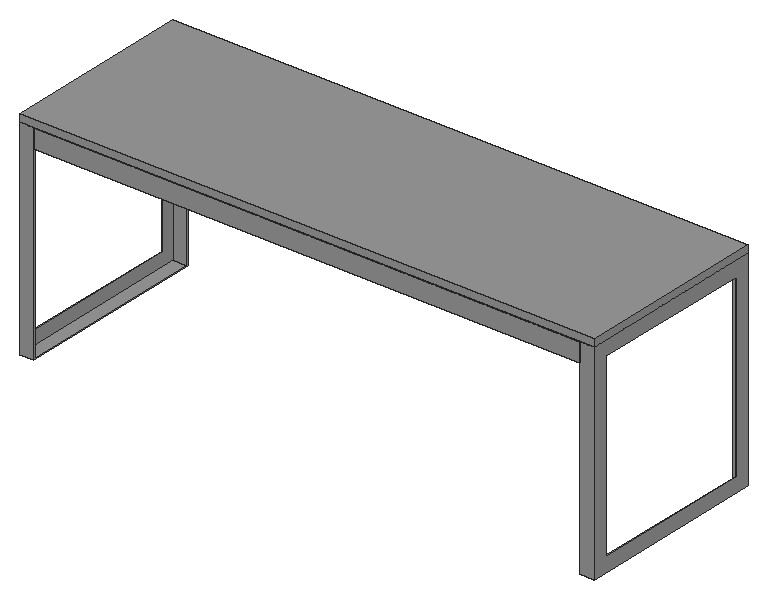
Revit family "Банкетка для раздевалок «Паскаль» Арт 20783", category Антураж, Revit 2018
Family settings
  На основе рабочей плоскости = Нет
  Всегда вертикально = Да
  При загрузке вырезать с полостями = Нет
  Источник визуального образа = Геометрия семейства
  Общий = Нет
  Точка расчета площади = Нет
Parameters (values of type "Версия 1,2 м")
  Ширина = 400 mm  # constant formula
  Цвет сидения = HPL панели
  Цвет каркаса = Сталь
  Описание = if([Версия 1,2 м], "Банкетка для раздевалок «Паскаль». Версия 1,2 м", "Банкетка для раздевалок «Паскаль». Версия 1,5 м")  # "Банкетка для раздевалок «Паскаль». Версия 1,2 м"
  Материал изделия = "Сталь, HPL панели"  # constant formula
  Изображение типоразмера = Банкетка для раздевалок «Паскаль» Арт 20783.jpg
  Изготовитель = "ООО «Хоббика»"  # constant formula
  Длина = if([Версия 1,2 м], 1200 mm, 1500 mm)  # 1200 mm
  Группа модели = "Скамейки для раздевалок"  # constant formula
  Высота = 450 mm  # constant formula
  Версия 1,5 м = not([Версия 1,2 м])  # no
  Версия 1,2 м = yes
  Артикул товара = "Арт. 20783"  # constant formula
  URL = "https://hobbyka.ru/product/banketka_dlya_razdevalok_paskal/"
Types (3, lengths in mm): name | Описание | Длина | Версия 1,5 м | Версия 1,2 м
  (no name) | "Банкетка для раздевалок «Паскаль». Версия 1,2 м" | 1200 | no | yes
  Версия 1,5 м | "Банкетка для раздевалок «Паскаль». Версия 1,5 м" | 1500 | yes | no
  Версия 1,2 м | "Банкетка для раздевалок «Паскаль». Версия 1,2 м" | 1200 | no | yes
Reference planes
  plane 1 "По центру (Вперед/Назад)": y = 0
  plane 2: z = 0
  plane 3 "По центру (Влево/Вправо)": x = 0
  plane 4 "123": x = 1200
  plane 5: y = 400
  plane 6: z = 450
  plane 7: x = 30
  plane 8: x = 1170
  plane 9: x = 1198
Forms (mm)
  Extrusion 1, solid, material "HPL панели" <- "Цвет сидения"
    sketch origin (0, 0, 0) x (0, 1, 0) y (0, 0, 1)
      loop
        line (400, 450) -> (0, 450) -> (0, 435) -> (400, 435) -> (400, 450)
    from 0 to 1200
  Sweep 2, solid, material "Сталь" <- "Цвет каркаса"
    path origin (0, 0, 0) x (0, 1, 0) y (0, 0, 1)
      loop
        line (400, 435) -> (0, 435) -> (0, 0) -> (400, 0) -> (400, 435)
    profile origin (0, 200, 435) x (0, 0, -1) y (1, 0, 0)
      loop
        line (0, 0) -> (30, 0) -> (30, 2) -> (2, 2) -> (2, 30) -> (0, 30) -> (0, 0)
  Extrusion 3, solid, material "Сталь" <- "Цвет каркаса"
    sketch origin (0, 0, 0) x (0, 1, 0) y (0, 0, 1)
      loop
        line (400, 435) -> (360, 435) -> (360, 433) -> (398, 433) -> (398, 395) -> (400, 395) -> (400, 435)
      loop
        line (0, 435) -> (0, 395) -> (2, 395) -> (2, 433) -> (40, 433) -> (40, 435) -> (0, 435)
    from 30 to 1170
  Extrusion 4, solid, material "Сталь" <- "Цвет каркаса"
    sketch origin (0, 0, 0) x (0, 1, 0) y (0, 0, 1)
      loop
        line (400, 435) -> (0, 435) -> (0, 0) -> (400, 0) -> (400, 435)
      loop
        line (398, 433) -> (2, 433) -> (2, 2) -> (398, 2) -> (398, 433)
    from 1170 to 1200
  Extrusion 5, solid, material "Сталь" <- "Цвет каркаса"
    sketch origin (0, 0, 0) x (0, 1, 0) y (0, 0, 1)
      loop
        line (400, 435) -> (0, 435) -> (0, 0) -> (400, 0) -> (400, 435)
      loop
        line (370, 405) -> (30, 405) -> (30, 30) -> (370, 30) -> (370, 405)
    from 1198 to 1200
Cuts and joins
  joined: Extrusion 4, Extrusion 5
Dimensions and locks
  "Длина": plane 3 "По центру (Влево/Вправо)" to plane 4 "123"
  "Ширина": plane 5 to plane 1 "По центру (Вперед/Назад)"
  "Высота": plane 6 to level
  locked: plane 3 "По центру (Влево/Вправо)" to plane 7 at 30
  locked: plane 8 to plane 4 "123" at 30
  locked: plane 9 to plane 4 "123" at 2
  aligned and locked: level to plane 2
  aligned and locked: Extrusion 1 to plane 3 "По центру (Влево/Вправо)"
  aligned and locked: plane 4 "123" to Extrusion 1
  aligned and locked: Extrusion 3 to plane 7
  aligned and locked: plane 8 to Extrusion 3
  aligned and locked: plane 4 "123" to Extrusion 4
  aligned and locked: Extrusion 4 to plane 8
  aligned and locked: plane 4 "123" to Extrusion 5
  aligned and locked: Extrusion 5 to plane 9
Automatic sketch dimensions
  Extrusion 1 sketch curve to plane 1 "По центру (Вперед/Назад)" = 0 mm
  Extrusion 1 sketch curve to plane 5 = 0 mm
  Extrusion 1 sketch curve to plane 6 = 0 mm
  Extrusion 1 sketch curve to plane 6 = 15 mm
  Sweep 2 sketch curve to plane 1 "По центру (Вперед/Назад)" = 0 mm
  Sweep 2 sketch curve to level = 0 mm
  Sweep 2 sketch curve to plane 5 = 0 mm
  Sweep 2 sketch curve to plane 6 = 15 mm
  Sweep 2 sketch curve to profile plane = 0 mm
  Sweep 2 sketch curve to plane 3 "По центру (Влево/Вправо)" = 0 mm
  Sweep 2 sketch curve to profile plane = 2 mm
  Sweep 2 sketch curve to Sweep 2 sketch curve = 28 mm  (x2)
  plane 3 "По центру (Влево/Вправо)" to Sweep 2 sketch curve = 2 mm
  Extrusion 3 sketch curve to plane 1 "По центру (Вперед/Назад)" = 0 mm
  Extrusion 3 sketch curve to plane 5 = 0 mm
  Extrusion 3 sketch curve to plane 1 "По центру (Вперед/Назад)" = 2 mm
  Extrusion 3 sketch curve to plane 6 = 17 mm
  Extrusion 3 sketch curve to Extrusion 3 sketch curve = 38 mm  (x3)
  Extrusion 3 sketch curve to plane 6 = 15 mm
  Extrusion 3 sketch curve to plane 5 = 40 mm
  Extrusion 3 sketch curve to plane 5 = 2 mm
  Extrusion 3 sketch curve to Extrusion 3 sketch curve = 2 mm  (x2)
  Extrusion 4 sketch curve to plane 1 "По центру (Вперед/Назад)" = 0 mm
  Extrusion 4 sketch curve to plane 5 = 0 mm
  Extrusion 4 sketch curve to level = 0 mm
  Extrusion 4 sketch curve to plane 1 "По центру (Вперед/Назад)" = 2 mm
  Extrusion 4 sketch curve to plane 5 = 2 mm
  level to Extrusion 4 sketch curve = 2 mm
  Extrusion 4 sketch curve to plane 6 = 17 mm
  Extrusion 4 sketch curve to Extrusion 4 sketch curve = 2 mm
  Extrusion 5 sketch curve to plane 1 "По центру (Вперед/Назад)" = 0 mm
  Extrusion 5 sketch curve to plane 5 = 0 mm
  Extrusion 5 sketch curve to level = 0 mm
  Extrusion 5 sketch curve to plane 1 "По центру (Вперед/Назад)" = 30 mm
  Extrusion 5 sketch curve to plane 5 = 30 mm
  level to Extrusion 5 sketch curve = 30 mm
  Extrusion 5 sketch curve to plane 6 = 45 mm
  Extrusion 5 sketch curve to plane 6 = 15 mm
